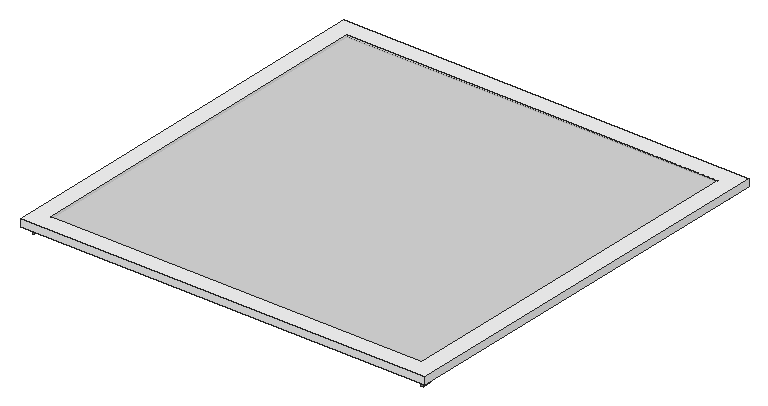
Revit family "0047431 Feilo Sylvania Lighting Fixtures START FLAT UGR19 600 3000K G2", category Lighting Fixtures, host Face, Revit 2017
Family settings
  Host = Face
  Round Connector Dimension = Use Diameter
  Part Type = Normal
  OmniClass Number = 23.80.70.11.17
  OmniClass Title = Specialized Lighting by Location or Use
  Cut with Voids When Loaded = No
  Light Source = Yes
  Shared = No
  Room Calculation Point = No
Parameters (values of type "0047431 START FLAT UGR19 600 3000K G2")
  Weight = "12.25 kg"
  Wattage = 33 W
  WarrantyStartDate [instance] = "n/a"
  WarrantyGuarantorParts = "n/a"
  WarrantyDurationUnit = "n/a"
  WarrantyDurationParts = "n/a"
  WarrantyDescription = "n/a"
  built-in parameter 1150110 = 1 (stored number, unit not read)
  Voltage = 230 V
  URL = "http://www.sylvania-lighting.com"
  TypeName = "START FLAT UGR19 600 3000K G2"
  built-in parameter 1114217 = 1 (stored number, unit not read)
  Tilt Angle = -90.00°
  built-in parameter 1150109 = 1 (stored number, unit not read)
  built-in parameter 1150134 = (empty or 0)
  built-in parameter 1150113 = 1 (stored number, unit not read)
  SerialNumber [instance] = "n/a"
  PowerFactor = 0.9
  PowerConsumption = "33 W"
  Photometric Web File = "0047431.ies"
  NominalLength = 595.0 mm
  NominalHeight = 10.5 mm
  NominalDepth = 595.0 mm
  Name = "START FLAT UGR19 600 3000K G2"
  ModelReference = "START FLAT UGR19 600 3000K G2"
  ModelNumber = "0047431"
  Material = "aluminium housing, pmma  diffuser"
  ManufacturerName = "Feilo Sylvania"
  LuminousEfficacy = "100 lm/W"
  LuminaireType = ""
  LightOutputRatio = "n/a"
  LampsType = Lamp  # "Integrated LED"
  LampNominalLuminous = "3300 lm"
  LampMacAdamStep = "3"
  LampColourTemperature = "3000 K"
  LampColourRenderingIndex = "80"
  Keynote = "16500"
  InstallationDate [instance] = "n/a"
  InputVoltage = "220-240V~"
  InputNominalFrequency = "50/60 Hz"
  IngressProtection = "IP20"
  ImpactProtectionIndex = "IK03"
  IfcExportType = "IfcLightFixtureType"
  IfcExportAs = "IfcLightFixtureType"
  ExpectedLife = 50000
  ElectricShockClassification = "Class II"
  DurationUnit = "hours"
  DocumentationLiterature = "http://www.sylvania-lighting.com/product/en-int/products/0047431"
  DimmingControlOptions = "Non dimmable"
  Diffuser Material = Polycarbonate_Sylvania_Startflat Panel LED_Opal
  Cutout Width = 574.0 mm
  Cutout Length = 574.0 mm
  CreatedOn = "11/30/2017"
  CreatedBy = ""
  built-in parameter 1114216 [instance] = 1 (stored number, unit not read)
  Model = "START FLAT UGR19 600 3000K G2"
  Manufacturer = "Feilo-Sylvania Group"
  built-in parameter 1150105 = 1842.7 (stored number, unit not read)
  Lumens = 3300 lm
  built-in parameter 1150115 = 1 (stored number, unit not read)
  built-in parameter 1150137 = (empty or 0)
  built-in parameter 1150139 = (empty or 0)
  built-in parameter 1150112 = 1 (stored number, unit not read)
  built-in parameter 1150114 = 1 (stored number, unit not read)
  Lamp = "Integrated LED"  # constant formula
  built-in parameter 1150132 = 2
  built-in parameter 1150102 = (empty or 0)
  built-in parameter 1150107 = 3000 (stored number, unit not read)
  built-in parameter 1150138 = (empty or 0)
  built-in parameter 1150106 = 18.427 (stored number, unit not read)
  Body Material = Metal_Sylvania_Startflat Panel LED_White
  Emit from Rectangle Width = 545.0 mm
  Emit from Rectangle Length = 545.0 mm
  Emit Shape Visible in Rendering = no
  built-in parameter 1150104 = 9.2903 (stored number, unit not read)
  Dimming Lamp Color Temperature Shift = <None>
  Description = "Ultra thin LED Panel, excellent uniformity of light, perfect for ceilings with low voids, high efficacy.Ulta thin edgelit LED 600x600mm Panel with, excellent uniform light distribution. Acrylic PMMA diffuser optimising light output whilst reducing glare. 4239lm 93lm/W."  # constant formula
  Default Elevation = 0.0 mm
  Color Filter = 16777215
  built-in parameter 1140040 [instance] = 1
  BarCode [instance] = "n/a"
  built-in parameter 1114218 = 1 (stored number, unit not read)
  built-in parameter 1150133 = 10 (stored number, unit not read)
  AssetType = "Fixed"
  AssetIdentifier [instance] = "n/a"
  Assembly Code = "D5020200"
  Apparent Load = 33 VA
  Mounting Material = Metal_Sylvania_Startflat Panel LED_Silver
Reference planes
  plane 1 "Center (Front/Back)": y = 0
  plane 2 "Fixture Top": z = 0
  plane 3 "Center (Left/Right)": x = 0
  plane 4: x = 295.5
  plane 5: x = -295.5
  plane 6 "Fixture Back": y = 297.5
  plane 7 "Fixture Front": y = -297.5
  plane 8 "Fixture Left": x = -297.5
  plane 9 "Fixture Right": x = 297.5
  plane 10: y = 295.5
  plane 11: y = -295.5
  plane 12: x = 272.5
  plane 13: x = -272.5
  plane 14: y = 272.5
  plane 15: y = -272.5
  plane 16: x = -287
  plane 17: x = 287
  plane 18: y = 287
  plane 19: y = -287
  plane 20 "Fixture Bottom": z = 10.5
  plane 21: z = 8.5
  plane 22: z = 6.5
  plane 23: z = -10
  plane 24: z = 2
Forms (mm)
  Extrusion 1, void
    sketch origin (0, 0, 60) x (-1, 0, 0) y (0, -1, 0)
      loop
        line (287, -287) -> (287, 287) -> (-287, 287) -> (-287, -287) -> (287, -287)
    from -70 to -60
  Extrusion 2, solid, material "Metal_Sylvania_Startflat Panel LED_White" <- "Body Material", detail levels fine
    sketch origin (0, 0, 60) x (-1, 0, 0) y (0, -1, 0)
      loop
        line (297.5, -297.5) -> (297.5, 297.5) -> (-297.5, 297.5) -> (-297.5, -297.5) -> (297.5, -297.5)
      loop
        line (272.5, -272.5) -> (272.5, 272.5) -> (-272.5, 272.5) -> (-272.5, -272.5) -> (272.5, -272.5)
    from -51.5 to -49.5
  Extrusion 3, solid, material "Metal_Sylvania_Startflat Panel LED_White" <- "Body Material", detail levels fine
    sketch origin (0, 0, 60) x (-1, 0, 0) y (0, -1, 0)
      loop
        line (297.5, -297.5) -> (297.5, 297.5) -> (-297.5, 297.5) -> (-297.5, -297.5) -> (297.5, -297.5)
      loop
        line (295.5, -295.5) -> (295.5, 295.5) -> (-295.5, 295.5) -> (-295.5, -295.5) -> (295.5, -295.5)
    from -60 to -51.5
  Extrusion 4, solid, material "Polycarbonate_Sylvania_Startflat Panel LED_Opal" <- "Diffuser Material", detail levels fine
    sketch origin (0, 0, 60) x (-1, 0, 0) y (0, -1, 0)
      loop
        line (295.5, -295.5) -> (295.5, 295.5) -> (-295.5, 295.5) -> (-295.5, -295.5) -> (295.5, -295.5)
    from -53.5 to -51.5
  Extrusion 5, solid, material "Metal_Sylvania_Startflat Panel LED_Silver" <- "Mounting Material", detail levels fine
    sketch origin (0, 0, 60) x (-1, 0, 0) y (0, -1, 0)
      loop
        line (287, -287) -> (287, -272.5) -> (284, -272.5) -> (284, -287) -> (287, -287)
      loop
        line (-284, -287) -> (-284, -272.5) -> (-287, -272.5) -> (-287, -287) -> (-284, -287)
      loop
        line (-284, 272.5) -> (-284, 287) -> (-287, 287) -> (-287, 272.5) -> (-284, 272.5)
      loop
        line (284, 272.5) -> (287, 272.5) -> (287, 287) -> (284, 287) -> (284, 272.5)
    from -70 to -60
  Extrusion 6, solid, material "Metal_Sylvania_Startflat Panel LED_White" <- "Body Material", detail levels fine
    sketch origin (0, 0, 60) x (-1, 0, 0) y (0, -1, 0)
      loop
        line (297.5, -297.5) -> (297.5, 297.5) -> (-297.5, 297.5) -> (-297.5, -297.5) -> (297.5, -297.5)
    from -60 to -58
  Extrusion 7, solid, material "Metal_Sylvania_Startflat Panel LED_White" <- "Body Material", detail levels coarse+medium
    sketch origin (0, 0, 60) x (-1, 0, 0) y (0, -1, 0)
      loop
        line (297.5, -297.5) -> (297.5, 297.5) -> (-297.5, 297.5) -> (-297.5, -297.5) -> (297.5, -297.5)
    from -60 to -49.5
Cuts and joins
  joined: Extrusion 2, Extrusion 3, Extrusion 6
Dimensions and locks
  equal spacing: plane 6 "Fixture Back", plane 1 "Center (Front/Back)", plane 7 "Fixture Front"
  locked: plane 6 "Fixture Back" to plane 7 "Fixture Front" at 595
  equal spacing: plane 8 "Fixture Left", plane 3 "Center (Left/Right)", plane 9 "Fixture Right"
  locked: plane 8 "Fixture Left" to plane 9 "Fixture Right" at 595
  locked: plane 8 "Fixture Left" to plane 5 at 2
  locked: plane 4 to plane 9 "Fixture Right" at 2
  locked: plane 6 "Fixture Back" to plane 10 at 2
  locked: plane 11 to plane 7 "Fixture Front" at 2
  locked: plane 12 to plane 9 "Fixture Right" at 25
  locked: plane 8 "Fixture Left" to plane 13 at 25
  locked: plane 6 "Fixture Back" to plane 14 at 25
  locked: plane 15 to plane 7 "Fixture Front" at 25
  equal spacing: plane 16, plane 3 "Center (Left/Right)", plane 17
  "Cutout Length": plane 16 to plane 17
  equal spacing: plane 18, plane 1 "Center (Front/Back)", plane 19
  "Cutout Width": plane 18 to plane 19
  locked: plane 20 "Fixture Bottom" to plane 2 "Fixture Top" at 10.5
  plane 20 "Fixture Bottom" to plane 21 to plane 22 = 2.0 mm locked, 2.0 mm locked
  locked: plane 2 "Fixture Top" to plane 23 at 10
  locked: plane 16 to Extrusion 5 sketch curve at 3
  locked: Extrusion 5 sketch curve to plane 17 at 3
  locked: plane 24 to plane 2 "Fixture Top" at 2
  aligned and locked: level to host face
  aligned and locked: imposter light to plane 1 "Center (Front/Back)"
  aligned and locked: plane 2 "Fixture Top" to Extrusion 1
  aligned and locked: Extrusion 2 sketch curve to plane 6 "Fixture Back"
  aligned and locked: plane 8 "Fixture Left" to Extrusion 2 sketch curve
  aligned and locked: plane 7 "Fixture Front" to Extrusion 2 sketch curve
  aligned and locked: Extrusion 2 sketch curve to plane 9 "Fixture Right"
  aligned and locked: Extrusion 2 sketch curve to plane 14
  aligned and locked: plane 13 to Extrusion 2 sketch curve
  aligned and locked: plane 15 to Extrusion 2 sketch curve
  aligned and locked: Extrusion 2 sketch curve to plane 12
  aligned and locked: Extrusion 3 sketch curve to Extrusion 2  (x4)
  aligned and locked: Extrusion 3 sketch curve to plane 10
  aligned and locked: plane 5 to Extrusion 3 sketch curve
  aligned and locked: plane 11 to Extrusion 3 sketch curve
  aligned and locked: Extrusion 3 sketch curve to plane 4
  aligned and locked: Extrusion 4 sketch curve to cut or joined group of Extrusion 2, Extrusion 3, Extrusion 6  (x4)
  aligned and locked: plane 16 to Extrusion 1 sketch curve
  aligned and locked: Extrusion 1 sketch curve to plane 17
  aligned and locked: Extrusion 1 sketch curve to plane 18
  aligned and locked: plane 19 to Extrusion 1 sketch curve
  aligned and locked: plane 20 "Fixture Bottom" to cut or joined group of Extrusion 2, Extrusion 3, Extrusion 6
  aligned and locked: cut or joined group of Extrusion 2, Extrusion 3, Extrusion 6 to plane 21
  aligned and locked: plane 21 to cut or joined group of Extrusion 2, Extrusion 3, Extrusion 6
  aligned and locked: cut or joined group of Extrusion 2, Extrusion 3, Extrusion 6 to plane 2 "Fixture Top"
  aligned and locked: plane 21 to Extrusion 4
  aligned and locked: Extrusion 4 to plane 22
  aligned and locked: level to plane 2 "Fixture Top"
  aligned and locked: plane 3 "Center (Left/Right)" to imposter light
  aligned and locked: plane 20 "Fixture Bottom" to imposter light
  aligned and locked: Extrusion 5 sketch curve to plane 18  (x2)
  aligned and locked: plane 16 to Extrusion 5 sketch curve
  aligned and locked: cut or joined group of Extrusion 2, Extrusion 3, Extrusion 6 to Extrusion 5 sketch curve  (x3)
  aligned and locked: plane 14 to Extrusion 5 sketch curve
  aligned and locked: Extrusion 5 sketch curve to plane 17  (x2)
  aligned and locked: plane 19 to Extrusion 5 sketch curve
  aligned and locked: Extrusion 5 sketch curve to plane 19
  aligned and locked: Extrusion 5 sketch curve to plane 16
  aligned and locked: Extrusion 5 to plane 23
  aligned and locked: Extrusion 5 sketch curve to Extrusion 5 sketch curve  (x2)
  aligned and locked: Extrusion 6 sketch curve to cut or joined group of Extrusion 2, Extrusion 3, Extrusion 6  (x4)
  aligned and locked: Extrusion 6 to plane 2 "Fixture Top"
  aligned and locked: plane 24 to Extrusion 6
  aligned and locked: plane 2 "Fixture Top" to Extrusion 5
  aligned and locked: Extrusion 7 sketch curve to cut or joined group of Extrusion 2, Extrusion 3, Extrusion 6  (x4)
  aligned and locked: Extrusion 7 to plane 2 "Fixture Top"
  aligned and locked: plane 20 "Fixture Bottom" to Extrusion 7
  aligned and locked: Extrusion 1 to Extrusion 5
Automatic sketch dimensions
  host sketch curve to host sketch curve = 1461.012 mm
  host sketch curve to host sketch curve = 1283.632 mm
Connectors
  electrical at (0, 0, 0), driven by "Apparent Load"
    settings: on cut or joined group of Extrusion 2, Extrusion 3, Extrusion 6, index 1, voltage 230 V, apparent load 0 VA, apparent load phase1 33 VA, apparent load phase2 0 VA, apparent load phase3 0 VA, power factor 1, load classification "Lighting", number of poles 1, system type 31, power factor state 1, is connector primary yes, connector utility no, sub classification motor no, connector description ""
